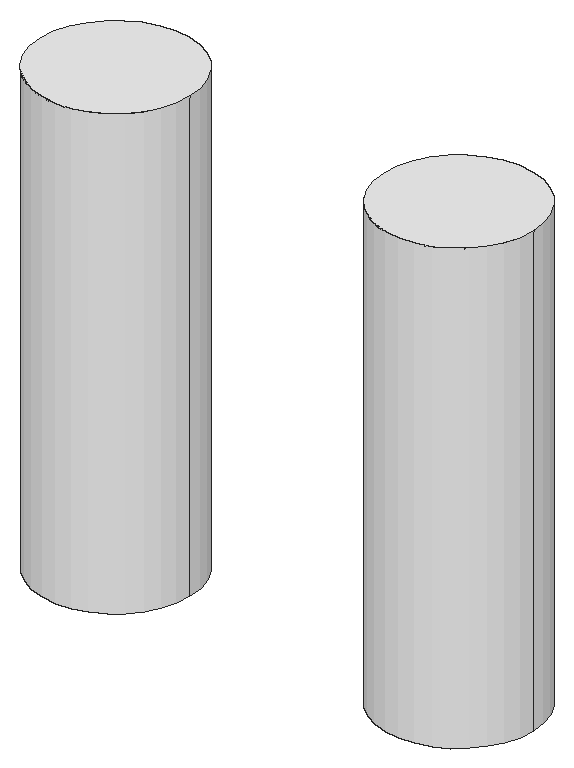
Revit family "55482203(2022)", category Plumbing Fixtures, Revit 2020
Family settings
  Round Connector Dimension = Use Diameter
  Part Type = Normal
  OmniClass Number = 23.45.55.00
  OmniClass Title = Sanitary Faucets, Wastes
  Work Plane-Based = No
  Always vertical = Yes
  Cut with Voids When Loaded = No
  Shared = No
  Room Calculation Point = No
Parameters (values of type "55482203 Kitchen faucet ")
  Working Pressure = "50 - 1000 kPa"
  WarrantyStartDate [instance] = "n/a"
  WarrantyGuarantorParts = "n/a"
  WarrantyGuarantorLabor = "n/a"
  WarrantyDurationUnit = "Year"
  WarrantyDurationParts = "n/a"
  WarrantyDurationLabor = "n/a"
  WarrantyDescription = "http://warranty.hansa.com"
  Warranty Information URL = "http://warranty.hansa.com"
  VersionDate = "01/06/2023"
  Version = "1"
  ValvePattern = "n/a"
  ValveOperation = "n/a"
  ValveMechanism = "n/a"
  Uniclass2015Reference = "Pr_40_20_87_96"
  Uniclass2015Description = "Washbasin manual water supply sets"
  Uniclass2 = "Pr_40_30_96_96"
  URL UWL = "http://static.hansa.com/UWL/55482203"
  URL REACH = "http://static.hansa.com/doc/reach"
  URL EcoLabel Declaration = "http://static.hansa.com/doc/EcoLabel"
  URL EU Packaging Declaration = "http://static.hansa.com/doc/packaging"
  URL Declaration of SCIP = "http://static.hansa.com/doc/SCIP"
  URL Declaration of Conformity = "http://static.hansa.com/DoC/55482203"
  URL Declaration of Asbestos = "http://static.hansa.com/doc/asbestos"
  URL Declaration Of Performance (DOP) = "http://static.hansa.com/doc/DoP"
  URL DVGW = "http://static.hansa.com/DVGW/55482203"
  URL ABP = "http://static.hansa.com/ABP/55482203"
  URL = ""
  UNSPSC Class Number = "30181700 Faucets or taps"
  Type Comments = ""
  TestPressure = "n/a"
  Technical DataSheet URL = "http://www.hansa.com/datasheet/55482203/en"
  TagNumber [instance] = "n/a"
  SustainabilityPerformance = "n/a"
  Surface treatment = "Chrome"
  Spout Type = "Swivel spout"
  Spout Swivel Range = "120°"
  Spout Projection = "223 mm"
  Spare-Part Information URL = "http://static.hansa.com/sp/55482203"
  Size = "50x260x175 mm"
  Shape = "Sculptured"
  SerialNumber [instance] = "n/a"
  Sales Package dimensions (LxWxH) = "330 x 270 x 60"
  Revision = "n/a"
  ReplacementCost = "n/a"
  ProductInformation = "n/a"
  Product URL = "http://static.hansa.com/55482203"
  Product Image URL = "http://static.hansa.com/image/55482203"
  Product Family = "5160 "
  Product Code = "55482203"
  OperatingMechanismMaterial = "n/a"
  NominalWidth = 49.049 mm
  NominalHeight = 175.758 mm
  NominalDepth = 259.472 mm
  Noise Class = "I (ISO 3822)"
  Name_en = "55482203 Kitchen faucet"
  Name = "55482203 Kitchen faucet"
  NBSReference = "45-35-70/371"
  NBSDescription = "Water supply fittings for wash basins and troughs"
  Mounting Holes = "1 hole"
  ModelReference = "55482203"
  ModelNumber = "n/a"
  Model = "55482203 Kitchen faucet"
  Mobile Product Information URL = "http://mpi.hansa.com/55482203"
  Mechanical Parts = "ø 35 mm ceramic cartridge for flow and temperature control"
  Max. Hot Water Supply = 70 °C
  Material = "Brass"
  Market = "Austria;Czech Republic;Germany;International;Italy;Slovakia"
  ManufacturerURL = "http://www.hansa.com"
  ManufacturerName = "HANSA"
  Manufacturer = "HANSA"
  Lever Handle = "Hot/Cold symbols;Single operating lever/handle"
  Keynote = ""
  Interactive AR View URL = "https://static.hansa.com/AR/55482203"
  InstallationDate [instance] = "n/a"
  Installation and Maintenance Guide URL = "http://static.hansa.com/manual/55482203"
  Installation Type = "Deck mounted"
  InletConnectionSize = 10 mm
  IfcExportType = "FAUCET"  # constant formula
  IfcExportAs = "IfcValveType"  # constant formula
  Group = "Kitchen faucet"
  Grade = "n/a"
  FlowCoefficient = 0
  Flow Rate At 300kPa = 0.18 L/s
  Flow Drawing URL = "http://static.hansa.com/flowchart/55482203"
  Finish = "Polished"
  Features = "Single-lever"
  FaucetMainMaterial = Brass
  FDV Document URL = "http://www.hansa.com/datasheet/55482203/en/fdv"
  ExpectedLife = "n/a"
  ETIM Class Number = "EC011431 Kitchen mixing tap"
  EN Standard = "EN 817"
  EAN Number = "4057304019074"
  DurationUnit = "Year"
  Dimension Drawing URL = "http://static.hansa.com/dimdrw/55482203"
  Description = ""
  DefaultElevation [instance] = 900 mm
  Default Elevation = 0 mm
  Constituents = "n/a"
  Connection Size = "G3/8"
  Connection = "Flexible inlet pipes"
  Color = "Chrome"
  CodePerformance = "n/a"
  CloseOffRating = 0
  Category = "Kitchen"
  Catalog Drawing URL = "http://static.hansa.com/catdrw/55482203"
  Brand = "HANSA"
  BodyMaterial = "Brass"
  Barcode [instance] = "n/a"
  Backflow Prevention EN1717 = "AA"
  BIMObjectName = "55482203(2022)"
  Author = "BIMStone"
  AssetType = "Fixed"
  AssetIdentifier [instance] = "n/a"
  Approval DVGW = "DW-6506DO0165"
  Approval ABP = "P-IX 10075/IA"
  Aerator = "Standard aerator"
  Advanced Features = "Rapid installation system"
  AccessibilityPerformance = "n/a"
  3D View = "https://static.hansa.com/AR/55482203"
  2D/3D/BIM Files URL = "http://static.hansa.com/bim/55482203"
Reference planes
  plane 1 "Center (Front/Back)": y = 0
  plane 2: z = 0
  plane 3 "Center (Left/Right)": x = 0
  plane 4: x = -24.524
  plane 5: z = 900
  plane 6: z = 870
  plane 7: y = -259.472
  plane 8: x = 24.524
  plane 9: z = 1075.758
Forms (mm)
  Extrusion 1, solid, material "Brass" <- "FaucetMainMaterial"
    sketch origin (0, -2.393, 0) x (1, 0, 0) y (0, 1, 0)
      loop
        circle (-11.5, -22.5) r 5
      loop
        circle (11.5, -22.5) r 5
    from 870 to 900
Dimensions and locks
  "DefaultElevation": plane 5 to level
  locked: plane 5 to plane 6 at 30
  "NominalDepth": plane 7 to plane 1 "Center (Front/Back)"
  equal spacing: plane 4, plane 3 "Center (Left/Right)", plane 8
  "NominalHeight": plane 9 to plane 5
  "NominalWidth": plane 4 to plane 8
  "InletConnectionSize": diameter of Extrusion 1 sketch curve  (x2)
  aligned and locked: level to plane 2
  aligned and locked: plane 5 to Extrusion 1
  aligned and locked: Extrusion 1 to plane 6
  aligned and locked: plane 1 "Center (Front/Back)" to nested 2
  aligned and locked: plane 3 "Center (Left/Right)" to nested 2
  aligned and locked: plane 3 "Center (Left/Right)" to nested 1
  aligned and locked: plane 1 "Center (Front/Back)" to nested 1
  aligned and locked: plane 5 to nested 2
Automatic sketch dimensions
  Extrusion 1 sketch curve to plane 3 "Center (Left/Right)" = 11.5 mm
  plane 3 "Center (Left/Right)" to Extrusion 1 sketch curve = 11.5 mm
  plane 1 "Center (Front/Back)" to Extrusion 1 sketch curve = 24.893 mm  (x2)
Nested families
  nested 1: "Symbol" at (0, 0, 0), type "Symbol", detail levels coarse
  nested 2: "55482203_Body" at (0, 0, 900), Material <- "FaucetMainMaterial", type "55482203_Body"
    with Material Brass
Connectors
  piping at (-11.5, -24.893, 870), diameter 10, driven by "InletConnectionSize"
    settings: on Extrusion 1, index 1, connector inside diameter 609.6 mm, connector length 0 mm, flow factor 0, pipe flow 0.2 L/s, pressure drop 0.0 Pa, fitting loss kfactor 0, connector angle 0.00°, fixture units 0, engagement length 0 mm, angle of deflection 0.00°, flow configuration 1, flow direction 1, fitting loss method 0, system type 19, joint type 0, gender type 0, connector reference index -1, connector utility 0, adjustable connector no, is connector primary yes, connector description ""
  piping at (11.5, -24.893, 870), diameter 10, driven by "InletConnectionSize"
    settings: on Extrusion 1, index 2, connector inside diameter 609.6 mm, connector length 0 mm, flow factor 0, pipe flow 0.2 L/s, pressure drop 0.0 Pa, fitting loss kfactor 0, connector angle 0.00°, fixture units 0, engagement length 0 mm, angle of deflection 0.00°, flow configuration 1, flow direction 1, fitting loss method 0, system type 20, joint type 0, gender type 0, connector reference index -1, connector utility 0, adjustable connector no, is connector primary no, connector description ""
Definition of nested family "Symbol"
  Reference planes
    plane 1: y = 0
    plane 2: x = 0
  Lines and regions (mm)
    detail lines
      curve 1: line (0, 0, 0) -> (0, -1.8, 0)
      curve 2: line (-0.4, -1.1, 0) -> (0.4, -1.1, 0)
      curve 3: line (-0.4, -1.4, 0) -> (0.4, -1.4, 0)
      curve 4: line (0.863, 0, 0) -> (-0.863, 0, 0)
      curve 5: circle (-1.163, 0, 0) r 0.3 normal (0, 0, -1)
      curve 6: circle (1.163, 0, 0) r 0.3 normal (0, 0, 1)
Definition of nested family "55482203_Body"
  Parameters (values of type "55482203_Body")
    Material [instance] = none
    Default Elevation = 0 mm
  Reference planes
    plane 1 "Center (Front/Back)": y = 0
    plane 2: z = 0
    plane 3 "Center (Left/Right)": x = 0
    plane 4: z = 175.758
    plane 5: y = -259.472
    plane 6: x = -24.524
    plane 7: x = 24.524
  Forms (mm)
    Revolve 1, solid, material <- "Material", detail levels medium
      sketch origin (0, 0, 0) x (0, 1, 0) y (0, 0, 1)
        loop
          line (0, 0) -> (-1.115, 175.758) -> (-24.744, 175.758) -> (-24.744, 0) -> (0, 0)
        axis (-24.744, 0) -> (-24.744, 175.758)
      angle from 0 to 360
    Extrusion 2, solid, material <- "Material", detail levels medium
      sketch origin (0, 0, 141) x (0, 1, 0) y (0, 0, 1)
        loop
          line (-27.423, 13.223) -> (-26.356, 18.714) -> (-108.895, 34.758)
          arc (-108.895, 34.758) -> (-110.482, 33.851) -> (-109.82, 32.148) r 1.4
          line (-109.82, 32.148) -> (-101.21, 27.566) -> (-27.423, 13.223)
      from -22 to 22
    Extrusion 3, solid, material <- "Material", detail levels coarse
      sketch origin (0, 0, 0) x (1, 0, 0) y (0, 1, 0)
        loop
          line (-23.579, 0) -> (-23.579, -259.472) -> (23.579, -259.472) -> (23.579, 0) -> (-23.579, 0)
      from 0 to 175.758
    Extrusion 4, void
      sketch origin (0, 0, 0) x (0, 1, 0) y (0, 0, 1)
        loop
          line (30, 148.759) -> (30, 175.758) -> (-108.895, 175.758) -> (30, 148.759)
      from -24.524 to 24.524
    Sweep 5, solid, material <- "Material", detail levels medium
      path origin (0, 0, 0) x (0, 1, 0) y (0, 0, 1)
        loop
          line (-37.704, 104.475) -> (-256.11, 146.929)
      profile origin (0, -146.907, 125.702) x (0, -0.190809, -0.981627) y (1, 0, 0)
        loop
          line (3, -14) -> (12, -14)
          arc (12, -14) -> (15.536, -12.536) -> (17, -9) r 5
          line (17, -9) -> (17, 9)
          arc (17, 9) -> (15.536, 12.536) -> (12, 14) r 5
          line (12, 14) -> (3, 14)
          arc (3, 14) -> (0.879, 13.121) -> (0, 11) r 3
          line (0, 11) -> (0, 0) -> (0, -11)
          arc (0, -11) -> (0.879, -13.121) -> (3, -14) r 3
    Revolve 6, solid, material <- "Material", detail levels medium
      sketch origin (0, 0, 0) x (0, 1, 0) y (0, 0, 1)
        loop
          line (-247.407, 118.422) -> (-235.669, 116.141) -> (-232.806, 130.865) -> (-244.545, 133.147) -> (-247.407, 118.422)
        axis (-244.545, 133.147) -> (-247.407, 118.422)
      angle from 0 to 360
  Cuts and joins
    Extrusion 4 cuts Revolve 1
    joined: Revolve 1, Extrusion 2, Sweep 5, Revolve 6
  Lines and regions (mm)
    symbolic lines, detail levels medium+fine
      curve 1: line (0, 0, 0) -> (0, -49.198, 0)
      curve 2: line (0, -49.198, 0) -> (0, -49.198, 89.487)
      curve 3: line (0, -49.198, 129.487) -> (0, -47.379, 129.487)
      curve 4: line (0, -1.648, 129.487) -> (0, -5.545, 140.196)
      curve 6: line (0, -49.198, 131.487) -> (0, -46.843, 131.487)
      curve 8: line (0, -49.198, 150.213) -> (0, -49.198, 131.487)
      curve 9: line (0, -0.071, 143.403) -> (0, -0.241, 153.427)
      curve 10: arc (0, -0.648, 142.48) -> (0, -0.222, 142.856) -> (0, -0.071, 143.403) r 1
      curve 11: line (0, -47.379, 129.487) -> (0, -46.843, 131.487)
      curve 12: line (0, 0, 0) -> (0, 0, 129.487)
      curve 13: line (0, -5.545, 140.196) -> (0, -0.648, 142.48)
      curve 15: line (-24.524, 0, 0) -> (-24.524, 0, 128.378)
      curve 18: line (-24.524, 0, 0) -> (23.579, 0, 0)
      curve 19: line (-19.121, -98.468, 0) -> (-19.121, -49.085, 0)
      curve 21: arc (-19.121, -98.468, 0) -> (-17.732, -104.071, 0) -> (-13.888, -108.378, 0) r 12
      curve 22: line (0, -1.648, 129.487) -> (0, 0, 129.487)
      curve 24: line (0, -1.455, 154.874) -> (0, -108.895, 175.758)
      curve 25: line (0, -57.29, 160.029) -> (0, -101.21, 168.566)
      curve 26: line (0, -109.82, 173.148) -> (0, -101.21, 168.566)
      curve 27: arc (0, -108.895, 175.758) -> (0, -110.482, 174.851) -> (0, -109.82, 173.148) r 1.4
      curve 28: arc (0, -57.29, 160.029) -> (0, -51.481, 156.573) -> (0, -49.198, 150.213) r 10
      curve 29: arc (0, -0.241, 153.427) -> (0, -0.592, 154.365) -> (0, -1.455, 154.874) r 1.5
      curve 30: line (0, -49.198, 106.71) -> (0, -253.662, 146.453)
      curve 31: line (0, -49.198, 89.487) -> (0, -230.734, 125.116)
      curve 32: line (0, -232.397, 123.846) -> (0, -234.106, 124.178)
      curve 33: line (0, -256.592, 144.483) -> (0, -259.616, 129.136)
      curve 34: arc (0, -253.662, 146.453) -> (0, -255.534, 146.074) -> (0, -256.592, 144.483) r 2.5
      curve 35: line (0, -236.609, 116.324) -> (0, -235.846, 120.25)
      curve 36: line (0, -234.732, 121.001) -> (0, -234.106, 124.178)
      curve 37: line (0, -234.732, 121.001) -> (0, -235.846, 120.25)
      curve 38: line (0, -258.205, 120.521) -> (0, -236.609, 116.324)
      curve 39: line (0, -258.205, 120.521) -> (0, -257.411, 124.499)
      curve 40: line (0, -258.156, 125.617) -> (0, -257.542, 128.733)
      curve 41: line (0, -258.156, 125.617) -> (0, -257.411, 124.499)
      curve 42: arc (0, -230.734, 125.116) -> (0, -231.852, 124.855) -> (0, -232.397, 123.846) r 1.397
      curve 44: line (0, -257.542, 128.733) -> (0, -259.616, 129.136)
      curve 45: line (0, -49.198, 106.71) -> (0, -49.198, 129.487)
      curve 55: line (-22.377, 0, 160.472) -> (-20.38, 0, 161.359)
      curve 56: line (-19, 0, 163.941) -> (-19, 0, 172.153)
      curve 57: line (0, 0, 175.758) -> (-6.629, 0, 175.758)
      curve 58: arc (-6.629, 0, 175.758) -> (-11.596, 0, 175.483) -> (-16.502, 0, 174.662) r 45.034
      curve 59: arc (-16.502, 0, 174.662) -> (-18.116, 0, 173.771) -> (-19, 0, 172.153) r 3.299
      curve 60: arc (-20.38, 0, 161.359) -> (-19.367, 0, 162.477) -> (-19, 0, 163.941) r 3.106
      curve 61: arc (-24.524, 0, 157.423) -> (-23.871, 0, 159.244) -> (-22.377, 0, 160.472) r 3.633
      curve 62: line (24.524, 0, 0) -> (24.524, 0, 128.378)
      curve 63: line (22.377, 0, 160.472) -> (20.38, 0, 161.359)
      curve 64: line (19, 0, 163.941) -> (19, 0, 172.153)
      curve 65: line (0, 0, 175.758) -> (6.629, 0, 175.758)
      curve 66: arc (6.629, 0, 175.758) -> (11.596, 0, 175.483) -> (16.502, 0, 174.662) r 45.034
      curve 67: arc (16.502, 0, 174.662) -> (18.116, 0, 173.771) -> (19, 0, 172.153) r 3.299
      curve 68: arc (20.38, 0, 161.359) -> (19.367, 0, 162.477) -> (19, 0, 163.941) r 3.106
      curve 69: arc (24.524, 0, 157.423) -> (23.871, 0, 159.244) -> (22.377, 0, 160.472) r 3.633
      curve 76: line (-24.524, 0, 128.378) -> (-22.102, 0, 130.8)
      curve 77: line (-24.524, 0, 130.8) -> (-24.524, 0, 157.423)
      curve 78: line (-22.102, 0, 130.8) -> (-24.524, 0, 130.8)
      curve 81: line (24.524, 0, 128.378) -> (22.102, 0, 130.8)
      curve 82: line (22.102, 0, 130.8) -> (24.524, 0, 130.8)
      curve 83: line (24.524, 0, 130.8) -> (24.524, 0, 157.423)
      curve 84: arc (0, 0, 0) -> (-20.662, -11.314, 0) -> (-22.26, -34.816, 0) r 24.524
      curve 85: arc (-22.26, -34.816, 0) -> (-19.915, -41.78, 0) -> (-19.121, -49.085, 0) r 34
      curve 86: line (-13.888, -108.378, 0) -> (-13.888, -245.584, 0)
      curve 87: line (13.888, -108.378, 0) -> (13.888, -245.584, 0)
      curve 88: arc (-13.888, -245.584, 0) -> (0, -259.472, 0) -> (13.888, -245.584, 0) r 13.888
      curve 89: line (19.121, -98.468, 0) -> (19.121, -49.085, 0)
      curve 90: arc (19.121, -98.468, 0) -> (17.732, -104.071, 0) -> (13.888, -108.378, 0) r 12
      curve 91: arc (0, 0, 0) -> (20.662, -11.314, 0) -> (22.26, -34.816, 0) r 24.524
      curve 92: arc (22.26, -34.816, 0) -> (19.915, -41.78, 0) -> (19.121, -49.085, 0) r 34
    symbolic lines, detail levels fine
      curve 5: line (0, -23.016, 132.049) -> (0, -5.545, 140.196)
      curve 7: arc (0, -25.552, 131.487) -> (0, -24.253, 131.629) -> (0, -23.016, 132.049) r 6
      curve 14: line (0, -46.843, 131.487) -> (0, -25.552, 131.487)
      curve 16: line (-11.975, 0, 119.174) -> (-11.975, 0, 126.441)
      curve 17: line (11.975, 0, 119.174) -> (11.975, 0, 126.441)
      curve 20: line (7.121, -110.468, 0) -> (-7.121, -110.468, 0)
      curve 23: line (0, -47.379, 129.487) -> (0, -1.648, 129.487)
      curve 43: line (0, -234.106, 124.178) -> (0, -257.542, 128.733)
      curve 46: line (0, -49.198, 89.487) -> (0, -49.198, 106.71)
      curve 47: spline (11.964, 0, 119.174) -> (11.556, 0, 118.421) -> (10.361, 0, 117.72) -> (8.46, 0, 117.118) -> (5.982, 0, 116.656) -> (3.096, 0, 116.366) -> (0, 0, 116.267) -> (-3.096, 0, 116.366) -> (-5.982, 0, 116.656) -> (-8.46, 0, 117.118) -> (-10.361, 0, 117.72) -> (-11.556, 0, 118.421) -> (-11.964, 0, 119.174) -> (-11.556, 0, 119.926) -> (-10.361, 0, 120.627) -> (-8.46, 0, 121.229) -> (-5.982, 0, 121.691) -> (-3.096, 0, 121.982) -> (0, 0, 122.081) -> (3.096, 0, 121.982) -> (5.982, 0, 121.691) -> (8.46, 0, 121.229) -> (10.361, 0, 120.627) -> (11.556, 0, 119.926) -> (11.964, 0, 119.174)
      curve 48: spline (-11.964, 0, 126.441) -> (-11.556, 0, 127.194) -> (-10.361, 0, 127.895) -> (-8.46, 0, 128.497) -> (-5.982, 0, 128.959) -> (-3.096, 0, 129.249) -> (0, 0, 129.348) -> (3.096, 0, 129.249) -> (5.982, 0, 128.959) -> (8.46, 0, 128.497) -> (10.361, 0, 127.895) -> (11.556, 0, 127.194) -> (11.964, 0, 126.441)
      curve 49: line (-14, 0, 95.667) -> (-14, 0, 141.82)
      curve 50: line (14, 0, 95.667) -> (14, 0, 141.82)
      curve 51: line (-8, 0, 89.667) -> (8, 0, 89.667)
      curve 52: arc (-8, 0, 89.667) -> (-12.243, 0, 91.424) -> (-14, 0, 95.667) r 6
      curve 53: arc (8, 0, 89.667) -> (12.243, 0, 91.424) -> (14, 0, 95.667) r 6
      curve 54: spline (14, 0, 141.82) -> (13.523, 0, 143.114) -> (12.124, 0, 144.32) -> (9.899, 0, 145.355) -> (7, 0, 146.15) -> (3.623, 0, 146.649) -> (0, 0, 146.82) -> (-3.623, 0, 146.649) -> (-7, 0, 146.15) -> (-9.899, 0, 145.355) -> (-12.124, 0, 144.32) -> (-13.523, 0, 143.114) -> (-14, 0, 141.82)
      curve 70: line (0, 0, 167.806) -> (-15, 0, 167.806)
      curve 71: arc (-15, 0, 167.806) -> (-17.954, 0, 169.102) -> (-19, 0, 172.153) r 4.014
      curve 72: line (0, 0, 167.806) -> (15, 0, 167.806)
      curve 73: arc (15, 0, 167.806) -> (17.954, 0, 169.102) -> (19, 0, 172.153) r 4.014
      curve 74: line (-24.524, 0, 128.378) -> (-14, 0, 128.378)
      curve 75: line (-14, 0, 130.8) -> (-22.102, 0, 130.8)
      curve 79: line (24.524, 0, 128.378) -> (14, 0, 128.378)
      curve 80: line (14, 0, 130.8) -> (22.102, 0, 130.8)
      curve 93: arc (13.888, -108.378, 0) -> (10.662, -109.933, 0) -> (7.121, -110.468, 0) r 12
      curve 94: arc (-13.888, -108.378, 0) -> (-10.662, -109.933, 0) -> (-7.121, -110.468, 0) r 12
  Dimensions and locks
    aligned and locked: level to plane 2
